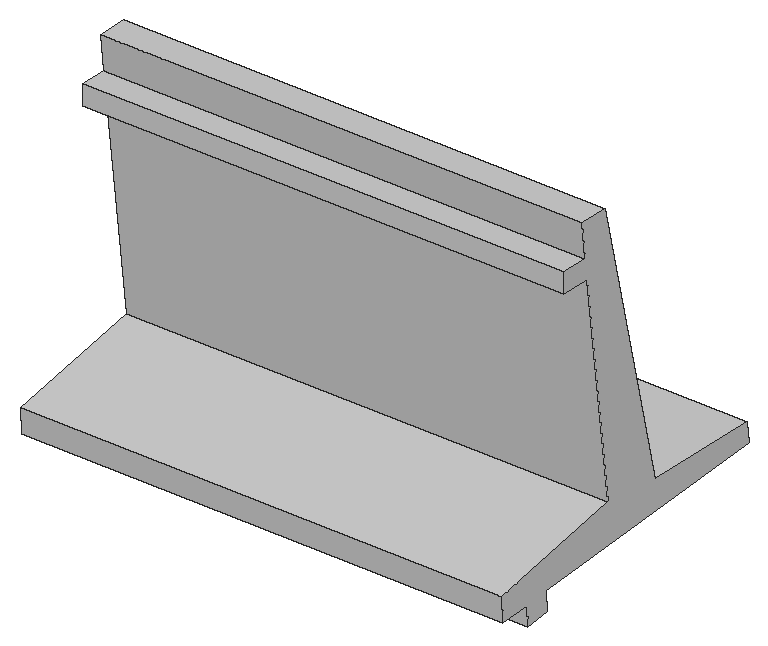
Revit family "c54c476d7f734db49b1192bd601c7cd7", category Structural Foundations, Revit 2021
Family settings
  Material for Model Behavior = Other
  Cap = No
  OmniClass Number = 23.10.20.14
  OmniClass Title = Retaining Walls
  Seek Item ID = RetainingWall_Par_Family_Shelf1_Key-0000-USA-ENU
  Work Plane-Based = No
  Always vertical = Yes
  Cut with Voids When Loaded = No
  Shared = No
Parameters (values of type "Standard")
  hdiff = h3 - h4  # 0' - 2.10745"
  h7 = h4 - h6  # 9' - 3.38818"
  h6 = Gw1 * tan(Alpha - Beta)  # -0' - 0.41905"
  h4 = (H - Gf3 * cos(Alpha) + Bw * sin(Alpha)) / cos(Beta)  # 9' - 2.96913"
  h3 = (H - Gf3 * cos(Alpha) + (Bw + Gw2) * sin(Alpha)) / cos(Beta)  # 9' - 5.07658"
  h2 = (Bw + Gw2) * sin(Alpha)  # 0' - 6.18806"
  h1 = Gf4 * cos(Alpha)  # 1' - 3.93912"
  TmpBs1 = Gf4 * sin(Alpha) + (Bw + Gw2) * cos(Alpha) + (H - Hs1 - Gs1 - h1 + h2) * sin(Beta) + Bs1  # 7' - 10.63542"
  Tmp2 = (Bw + Gf3 * tan(Alpha - Gamma)) * cos(Alpha - Gamma)  # 3' - 8.82571"
  Tmp1 = (Bw + Gw2 + Gf4 * tan(Alpha - Beta)) * cos(Alpha - Beta)  # 5' - 10.39836"
  Structural Material [instance] = Concrete, Cast-in-Place gray
  Length [instance] = 16' - 5"
  Hs1 = 1' - 2"
  Hk = 0' - 8"
  H = 9' - 10"
  Gw2 = 2' - 0"
  Gw1 = 1' - 0"
  Gs1 = 0' - 8"
  Gk = 0' - 10"
  Gf4 = 1' - 4"
  Gf3 = 1' - 0"
  Gf2 = 0' - 10"
  Gf1 = 0' - 8"
  Gamma2 = atan((Gw2 * cos(Alpha - Beta) - Gw1 * cos(Alpha - Beta)) / h7)  # 6.14512°
  Gamma = Gamma2 + Beta  # 13.1451°
  Bw = 3' - 11"
  Bs1 = 1' - 0"
  Bk = 1' - 0"
  Beta = 7.00°
  B = 10' - 6"
  Assembly Code = ""
  Alpha = 5.00°
Reference planes (in)
  plane 1 "Center (Front/Back)": y = 0
  plane 2: z = 0
  plane 3 "Center (Left/Right)": x = 0
  plane 4: z = 118
  plane 5: x = 197
  plane 6: z = 104
  plane 7: z = 96
  plane 8: y = -94.63542
Forms (in)
  Sweep 1, solid, material "Concrete, Cast-in-Place gray" <- "Structural Material"
    path origin (0, 0, 0) x (1, 0, 0) y (0, 1, 0)
      loop
        line (0, 0) -> (197, 0)
    profile "Shelf1_Key-Profile : Shelf1_Key-Profile" origin (98.5, 0, 0) x (0, 1, 0) y (0, 0, 1)
      loop
        line (-73.58931, 118) -> (-85.41561, 118) -> (-83.69663, 104) -> (-94.63542, 104) -> (-94.63542, 96) -> (-82.71435, 96) -> (-72.12432, 9.75106) -> (-126.39209, -1.01968) -> (-125.52053, -10.98162) -> (-113.5662, -9.93575) -> (-112.86895, -17.90531) -> (-102.907, -17.03375) -> (-103.60425, -9.0642) -> (0, 0) -> (-0.69725, 7.96956) -> (-47.86702, 7.85802) -> (-73.58931, 118)
Dimensions and locks (in)
  "H": plane 4 to plane 2
  "Length": plane 3 "Center (Left/Right)" to plane 5
  "Hs1": plane 4 to plane 6
  "Gs1": plane 6 to plane 7
  "TmpBs1": plane 8 to plane 1 "Center (Front/Back)"
  aligned and locked: plane 3 "Center (Left/Right)" to Sweep 1 sketch curve
  aligned and locked: plane 1 "Center (Front/Back)" to Sweep 1 sketch curve
  aligned and locked: plane 5 to Sweep 1 sketch curve
